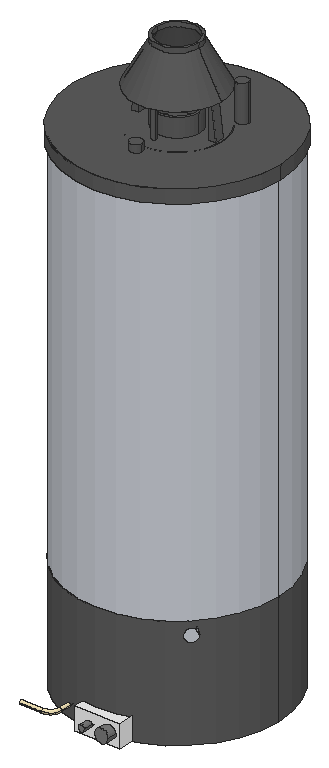
Revit family "Водонагреватель газовый накопительный_Eco WH_FedericaBugatti_R20", category Оборудование, Revit 2020
Family settings
  Размер круглого соединителя = Использовать диаметр
  Классификация = Нет
  Тип детали = Нормальный
  На основе рабочей плоскости = Нет
  Всегда вертикально = Да
  При загрузке вырезать с полостями = Нет
  Общий = Нет
  Точка расчета площади = Да
Parameters (values of type "ECO_WH120")
  СливнойПатрубок_Диаметр2 = 26.8 mm
  СливнойПатрубок_Диаметр = 20 mm
  Патрубки_Диаметр2 = 26.8 mm
  Отметка по умолчанию = 0 mm
  Номинальный_Объем = 115
  Материал_Панель = ADSK_Полимеры_Пластик белый
  Материал_Патрубки = ADSK_Металл_Сталь нержавеющая
  Материал_Штуцер = ADSK_Металл_Латунь
  Материал_Регулятор = ADSK_Полимеры_Пластик черный
  Материал_Корпус2 = ADSK_Металл_Окрашенный_Черный темный
  Корпус_Радиус = Корпус_Диаметр / 2 - 20 mm  # 207.5 mm
  Корпус_Отступ = 20 mm  # constant formula
  Корпус_Диаметр2 = ADSK_Размер_ДиаметрИзделия - 35 mm  # 465 mm
  Корпус_Диаметр = Корпус_Диаметр2 - 10 mm  # 455 mm
  Дымоход_Диаметр2 = Дымоход_Диаметр + 10 mm  # 99 mm
  Дымоход_Диаметр = 89 mm
  Анод_Диаметр2 = 26.8 mm
  ADSK_Расход жидкости [instance] = 0.0 L/s
  ADSK_Размер_ДиаметрИзделия = 500 mm
  ADSK_Размер_Диаметр = 20 mm
  ADSK_Размер_Высота = 1300 mm
  ADSK_Примечание [instance] = ""
  ADSK_Полная мощность = ADSK_Номинальная мощность / ADSK_Коэффициент мощности  # 7500 VA
  ADSK_Позиция [instance] = ""
  ADSK_Обозначение = ""
  ADSK_Номинальная мощность = 7500 W
  ADSK_Напряжение = 230 V  # constant formula
  ADSK_Наименование = "Газовый накопительный водонагреватель ECO WH 120"
  ADSK_Масса_Текст = "52"
  ADSK_Масса = 52
  ADSK_Марка = "ECO WH 120"
  ADSK_Коэффициент мощности = 1  # constant formula
  ADSK_Количество фаз = 1
  ADSK_Количество = 1  # constant formula
  ADSK_Код изделия = ""
  ADSK_Классификация нагрузок = Прочее
  ADSK_Завод-изготовитель = "Federica Bugatti"  # constant formula
  ADSK_Единица измерения = "шт"  # constant formula
Types (4, lengths in mm): name | Патрубки_Диаметр2 | Номинальный_Объем | Корпус_Радиус | Корпус_Диаметр2 | Корпус_Диаметр | Дымоход_Диаметр2 | Дымоход_Диаметр | Анод_Диаметр2 | ADSK_Размер_ДиаметрИзделия | ADSK_Размер_Диаметр | ADSK_Размер_Высота | ADSK_Полная мощность | ADSK_Номинальная мощность | ADSK_Наименование | ADSK_Масса_Текст | ADSK_Масса | ADSK_Марка
  (no name) | 26.8 | 115 | 207.5 | 465 | 455 | 99 | 89 | 26.8 | 500 | 20 | 1300 | 7500 VA | 7500 W | "Газовый накопительный водонагреватель ECO WH 120" | "52" | 52 | "ECO WH 120"
  ECO_WH200 | 26.8 | 195 | 207.5 | 465 | 455 | 99 | 89 | 26.8 | 500 | 20 | 1820 | 10200 VA | 10200 W | "Газовый накопительный водонагреватель ECO WH 200" | "72" | 72 | "ECO WH 200"
  ECO_WH300 | 33.5 | 295 | 282.5 | 615 | 605 | 118 | 108 | 33.5 | 650 | 25 | 1730 | 20100 VA | 20100 W | "Газовый накопительный водонагреватель ECO WH 300" | "122" | 122 | "ECO WH 300"
  ECO_WH120 | 26.8 | 115 | 207.5 | 465 | 455 | 99 | 89 | 26.8 | 500 | 20 | 1300 | 7500 VA | 7500 W | "Газовый накопительный водонагреватель ECO WH 120" | "52" | 52 | "ECO WH 120"
Reference planes
  plane 1 "По центру (Вперед/Назад)": y = 0
  plane 2: z = 0
  plane 3 "По центру (Влево/Вправо)": x = 0
  plane 4: x = -250
  plane 5: x = 250
  plane 6: y = -267.5
  plane 7: z = 1120
  plane 8: z = 1090
  plane 9: z = 1300
  plane 10: z = 1115
  plane 11: z = 50
  plane 12: z = 150
  plane 13: y = 227.5
  plane 14: y = -227.5
  plane 15: z = 650
  plane 16: y = -247.5
  plane 17: z = 1200
  plane 18: y = 247.5
  plane 19: z = 1160
  plane 20: z = 1290
  plane 21: x = -100
  plane 22: x = 100
  plane 23: x = 44.5
  plane 24: x = -44.5
  plane 25: y = 10
  plane 26: y = -10
  plane 27: z = 250
  plane 28: z = 147
  plane 29: z = 223
  plane 30: x = -30
  plane 31: x = -70
  plane 32: x = 70
  plane 33: y = -207.5
  plane 34: z = 25
Forms (mm)
  Extrusion 1, solid, material "ADSK_Металл_Сталь нержавеющая" <- "Материал_Патрубки"
    sketch origin (0, 0, 0) x (1, 0, 0) y (0, 1, 0)
      loop
        circle (0, 0) r 227.5
    from 250 to 1090
  Extrusion 2, solid, material "ADSK_Металл_Окрашенный_Черный темный" <- "Материал_Корпус2"
    sketch origin (0, 0, 0) x (1, 0, 0) y (0, 1, 0)
      loop
        circle (0, 0) r 232.5
    from 1090 to 1120
  Extrusion 3, solid, material "ADSK_Металл_Окрашенный_Черный темный" <- "Материал_Корпус2"
    sketch origin (0, 0, 0) x (1, 0, 0) y (0, 1, 0)
      loop
        circle (0, 0) r 100
    from 1115 to 1120
  Extrusion 4, solid, material "ADSK_Полимеры_Пластик черный" <- "Материал_Регулятор"
    sketch origin (0, 0, 0) x (1, 0, 0) y (0, 0, 1)
      loop
        circle (0, 150) r 1.5
    from -227.5 to -224.5
  Extrusion 5, solid, material "ADSK_Металл_Окрашенный_Черный темный" <- "Материал_Корпус2"
    sketch origin (0, 0, 0) x (1, 0, 0) y (0, 1, 0)
      loop
        circle (-81.3, 81.317) r 13.4
      loop
        circle (81.3, 81.317) r 13.4
      loop
        circle (0, -65) r 5
    from 1090 to 1200
  Extrusion 6, solid, material "ADSK_Металл_Окрашенный_Черный темный" <- "Материал_Корпус2"
    sketch origin (0, 0, 0) x (1, 0, 0) y (0, 1, 0)
      loop
        circle (0, 0) r 49.5
      loop
        circle (0, 0) r 44.5
    from 150 to 1160
  Revolve 7, solid, material "ADSK_Металл_Окрашенный_Черный темный" <- "Материал_Корпус2"
    sketch origin (0, 0, 0) x (1, 0, 0) y (0, 0, 1)
      loop
        line (-44.5, 1300) -> (-49.5, 1300) -> (-49.5, 1290) -> (-100, 1200) -> (-95, 1200) -> (-44.5, 1290) -> (-44.5, 1300)
      axis (0, 1300) -> (0, 1200)
    angle from 0 to 360
  Extrusion 8, solid, material "ADSK_Металл_Окрашенный_Черный темный" <- "Материал_Корпус2"
    sketch origin (0, 0, 0) x (1, 0, 0) y (0, 0, 1)
      loop
        line (-78.653, 1229.132) -> (-81.353, 1224.389) -> (-94.171, 1120) -> (-78.653, 1120) -> (-78.653, 1229.132)
    from -10 to 10
  Extrusion 9, solid, material "ADSK_Металл_Окрашенный_Черный темный" <- "Материал_Корпус2"
    sketch origin (0, 0, 0) x (-1, 0, 0) y (0, 0, -1)
      loop
        line (-78.653, -1229.132) -> (-78.653, -1120) -> (-94.171, -1120) -> (-81.353, -1224.389) -> (-78.653, -1229.132)
    from -10 to 10
  Extrusion 10, solid, material "ADSK_Металл_Окрашенный_Черный темный" <- "Материал_Корпус2"
    sketch origin (0, 0, 0) x (1, 0, 0) y (0, 1, 0)
      loop
        circle (0, -115) r 13.4
    from 1090 to 1135
  Extrusion 11, solid, material "ADSK_Металл_Окрашенный_Черный темный" <- "Материал_Корпус2"
    sketch origin (0, 0, 0) x (1, 0, 0) y (0, 1, 0)
      loop
        circle (0, 0) r 227.5
    from 0 to 250
  Extrusion 12, solid, material "ADSK_Металл_Сталь нержавеющая" <- "Материал_Патрубки"
    sketch origin (0, 0, 0) x (0.707107, 0.707107, 0) y (0, 0, 1)
      loop
        circle (0, 223) r 13.4
    from 207.5 to 232.5
  Extrusion 13, solid, material "ADSK_Полимеры_Пластик белый" <- "Материал_Панель"
    sketch origin (0, 0, 0) x (1, 0, 0) y (0, 0, 1)
      loop
        line (-30, 0) -> (70, 0) -> (70, 50) -> (-30, 50) -> (-30, 0)
    from 207.5 to 247.5
  Extrusion 14, solid, material "ADSK_Полимеры_Пластик черный" <- "Материал_Регулятор"
    sketch origin (0, 0, 0) x (1, 0, 0) y (0, 0, 1)
      loop
        circle (0, 25) r 7
      loop
        circle (45, 25) r 15
    from 227.5 to 267.5
  Sweep 15, solid, material "ADSK_Металл_Латунь" <- "Материал_Штуцер"
    path origin (0, 0, 0) x (1, 0, 0) y (0, 1, 0)
      loop
        line (-70, -207.5) -> (-70, -241.25)
        arc (-70, -241.25) -> (-75.858, -255.392) -> (-90, -261.25) r 20
        line (-90, -261.25) -> (-140, -261.25)
    profile origin (-70, -224.375, 0) x (1, 0, 0) y (0, 0, 1)
      loop
        circle (0, 25) r 4
Lines and regions (mm)
  reference lines
    curve 1: line (0, 0, 0) -> (146.725, -146.725, 0)
Dimensions and locks
  equal spacing: plane 4, plane 3 "По центру (Влево/Вправо)", plane 5
  "ADSK_Размер_ДиаметрИзделия": plane 4 to plane 5
  locked: plane 7 to plane 8 at 30
  locked: plane 9 to plane 7 at 180
  locked: plane 7 to plane 10 at 5
  "ADSK_Размер_Высота": plane 9 to plane 2
  "Корпус_Диаметр": plane 13 to plane 14
  equal spacing: plane 13, plane 1 "По центру (Вперед/Назад)", plane 14
  equal spacing: plane 9, plane 15, plane 2
  locked: plane 14 to plane 16 at 20
  plane 6 to plane 1 "По центру (Вперед/Назад)" = 267.5 mm
  locked: plane 9 to plane 17 at 100
  locked: Extrusion 5 sketch curve to plane 1 "По центру (Вперед/Назад)" at 65
  locked: plane 13 to Extrusion 4 at 3
  equal spacing: plane 18, plane 1 "По центру (Вперед/Назад)", plane 16
  "Корпус_Отступ": plane 6 to plane 16
  equal spacing: plane 17, plane 19, plane 7
  locked: plane 9 to plane 20 at 10
  equal spacing: plane 22, plane 3 "По центру (Влево/Вправо)", plane 21
  locked: plane 21 to plane 22 at 200
  equal spacing: plane 24, plane 3 "По центру (Влево/Вправо)", plane 23
  "Дымоход_Диаметр": plane 23 to plane 24
  locked: plane 1 "По центру (Вперед/Назад)" to Extrusion 5 sketch curve at 81.317  (x2)
  locked: Revolve 7 sketch curve to Revolve 7 sketch curve at 5
  plane 25 to plane 1 "По центру (Вперед/Назад)" to plane 26 = 10 mm locked, 10 mm locked
  locked: plane 3 "По центру (Влево/Вправо)" to Extrusion 5 sketch curve at 81.3
  locked: Extrusion 5 sketch curve to plane 3 "По центру (Влево/Вправо)" at 81.3
  locked: Extrusion 10 sketch curve to plane 1 "По центру (Вперед/Назад)" at 115
  locked: Extrusion 10 to plane 7 at 15
  locked: plane 27 to plane 2 at 250
  locked: plane 28 to plane 2 at 147
  locked: plane 29 to plane 28 at 76
  locked: plane 12 to plane 2 at 150
  locked: plane 31 to plane 30 at 40
  locked: plane 3 "По центру (Влево/Вправо)" to plane 30 at 30
  locked: plane 32 to plane 30 at 100
  locked: plane 11 to plane 2 at 50
  locked: plane 33 to plane 14 at 20
  Extrusion 14 sketch curve to plane 32 = 25 mm
  equal spacing: plane 11, plane 34, plane 2
  "Корпус_Радиус": curve 1 to curve 1
  locked: Extrusion 12 to Extrusion 12 at 25
  locked: Sweep 15 sketch curve to Sweep 15 sketch curve at 50
  "Корпус_Диаметр": diameter of Extrusion 1 sketch curve
  "Корпус_Диаметр2": diameter of Extrusion 2 sketch curve
  diameter of Extrusion 3 sketch curve = 200 mm
  diameter of Extrusion 4 sketch curve = 3 mm
  "Патрубки_Диаметр2": diameter of Extrusion 5 sketch curve  (x2)
  diameter of Extrusion 5 sketch curve = 10 mm
  "Дымоход_Диаметр2": diameter of Extrusion 6 sketch curve
  "Дымоход_Диаметр": diameter of Extrusion 6 sketch curve
  "Анод_Диаметр2": diameter of Extrusion 10 sketch curve
  "Корпус_Диаметр": diameter of Extrusion 11 sketch curve
  "СливнойПатрубок_Диаметр2": diameter of Extrusion 12 sketch curve
  locked: curve 1 to plane 1 "По центру (Вперед/Назад)" (angle 45.00°)
  aligned and locked: level to plane 2
  aligned and locked: plane 1 "По центру (Вперед/Назад)" to Extrusion 1 sketch curve
  aligned and locked: plane 3 "По центру (Влево/Вправо)" to Extrusion 1 sketch curve
  aligned and locked: plane 1 "По центру (Вперед/Назад)" to Extrusion 2 sketch curve
  aligned and locked: plane 3 "По центру (Влево/Вправо)" to Extrusion 2 sketch curve
  aligned and locked: Extrusion 1 to plane 8
  aligned and locked: plane 7 to Extrusion 2
  aligned and locked: plane 8 to Extrusion 2
  aligned and locked: plane 1 "По центру (Вперед/Назад)" to Extrusion 3 sketch curve
  aligned and locked: plane 3 "По центру (Влево/Вправо)" to Extrusion 3 sketch curve
  aligned and locked: plane 7 to Extrusion 3
  aligned and locked: plane 10 to Extrusion 3
  aligned and locked: plane 12 to Extrusion 4 sketch curve
  aligned and locked: plane 3 "По центру (Влево/Вправо)" to Extrusion 4 sketch curve
  aligned and locked: Extrusion 4 to plane 13  (x2)
  aligned and locked: Extrusion 5 to plane 17
  aligned and locked: Extrusion 5 to Extrusion 1
  aligned and locked: plane 3 "По центру (Влево/Вправо)" to Extrusion 5 sketch curve
  aligned and locked: plane 1 "По центру (Вперед/Назад)" to Extrusion 6 sketch curve  (x2)
  aligned and locked: plane 3 "По центру (Влево/Вправо)" to Extrusion 6 sketch curve  (x2)
  aligned and locked: Extrusion 6 to plane 12
  aligned and locked: plane 19 to Extrusion 6
  aligned and locked: plane 24 to Revolve 7 sketch curve  (x2)
  aligned and locked: plane 9 to Revolve 7 sketch curve
  aligned and locked: plane 20 to Revolve 7 sketch curve  (x2)
  aligned and locked: plane 17 to Revolve 7 sketch curve
  aligned and locked: plane 21 to Revolve 7 sketch curve
  aligned and locked: Revolve 7 sketch curve to plane 3 "По центру (Влево/Вправо)"
  aligned and locked: Extrusion 8 to plane 25
  aligned and locked: Extrusion 9 to plane 25
  aligned and locked: Extrusion 8 to plane 26
  aligned and locked: Extrusion 9 to plane 26
  aligned and locked: plane 3 "По центру (Влево/Вправо)" to Extrusion 10 sketch curve
  aligned and locked: plane 8 to Extrusion 10
  aligned and locked: plane 27 to Extrusion 1
  aligned and locked: plane 1 "По центру (Вперед/Назад)" to Extrusion 11 sketch curve
  aligned and locked: plane 3 "По центру (Влево/Вправо)" to Extrusion 11 sketch curve
  aligned and locked: Extrusion 11 to plane 2
  aligned and locked: Extrusion 11 to plane 27
  aligned and locked: plane 27 to Extrusion 11
  aligned and locked: Extrusion 13 sketch curve to plane 2
  aligned and locked: Extrusion 13 sketch curve to plane 30
  aligned and locked: Extrusion 13 sketch curve to plane 11
  aligned and locked: Extrusion 13 sketch curve to plane 32
  aligned and locked: plane 33 to Extrusion 13
  aligned and locked: plane 3 "По центру (Влево/Вправо)" to Extrusion 14 sketch curve
  aligned and locked: plane 6 to Extrusion 14
  aligned and locked: plane 14 to Extrusion 14
  aligned and locked: plane 33 to Sweep 15 sketch curve
  aligned and locked: plane 34 to Extrusion 14 sketch curve  (x2)
  aligned and locked: plane 34 to Sweep 15
  aligned and locked: plane 1 "По центру (Вперед/Назад)" to curve 1
  aligned and locked: plane 3 "По центру (Влево/Вправо)" to curve 1
  aligned and locked: plane 29 to Extrusion 12 sketch curve
  aligned and locked: Extrusion 12 to curve 1
  aligned and locked: plane 16 to Extrusion 13
Automatic sketch dimensions
  Revolve 7 sketch curve to Revolve 7 sketch curve = 5 mm
  plane 8 to Revolve 7 sketch curve = 15 mm
  plane 9 to Revolve 7 sketch curve = 70 mm
  Extrusion 8 sketch curve to plane 7 = 0 mm
  plane 21 to Extrusion 8 sketch curve = 5.829 mm
  plane 21 to Extrusion 8 sketch curve = 18.647 mm
  Extrusion 8 sketch curve to Extrusion 8 sketch curve = 15.518 mm
  Extrusion 8 sketch curve to plane 17 = 24.389 mm
  Extrusion 8 sketch curve to Extrusion 8 sketch curve = 4.744 mm
  Extrusion 9 sketch curve to plane 7 = 0 mm
  Extrusion 9 sketch curve to plane 22 = 5.829 mm
  Extrusion 9 sketch curve to plane 22 = 18.647 mm
  Extrusion 9 sketch curve to Extrusion 9 sketch curve = 15.518 mm
  plane 17 to Extrusion 9 sketch curve = 24.389 mm
  Extrusion 9 sketch curve to Extrusion 9 sketch curve = 4.744 mm
  profile plane to Sweep 15 sketch curve = 0 mm
  level to Sweep 15 sketch curve = 25 mm
  Sweep 15 sketch curve to plane 14 = 13.75 mm
  plane 16 to Sweep 15 sketch curve = 13.75 mm
  Sweep 15 sketch curve to plane 31 = 0 mm
  radius of Extrusion 14 sketch curve = 7 mm
  radius of Extrusion 14 sketch curve = 15 mm
  radius of Sweep 15 sketch curve = 4 mm
Connectors
  electrical at (0, 227.5, 150), driven by "ADSK_Количество фаз", driven by "ADSK_Классификация нагрузок", driven by "ADSK_Напряжение", driven by "ADSK_Полная мощность", driven by "ADSK_Коэффициент мощности"
    settings: on Extrusion 4, index 1, voltage 230 V, apparent load 7500 VA, apparent load phase1 0 VA, apparent load phase2 0 VA, apparent load phase3 0 VA, power factor 1, load classification "Прочее", number of poles 1, system type 30, power factor state 1, is connector primary yes, connector utility no, sub classification motor no, connector description ""
  piping at (81.3, 81.317, 1200), diameter 20, driven by "ADSK_Размер_Диаметр", driven by "ADSK_Расход жидкости"
    settings: on Extrusion 5, index 7, connector inside diameter 609.6 mm, connector length 0 mm, flow factor 0, pipe flow 0.0 L/s, pressure drop 0.0 Pa, fitting loss kfactor 0, connector angle 0.00°, fixture units 0, engagement length 0 mm, angle of deflection 0.00°, flow configuration 0, flow direction 2, fitting loss method 0, system type 19, joint type 0, gender type 0, connector reference index 8, connector utility 0, adjustable connector no, is connector primary no, connector description "Выход ГВС"
  piping at (-81.3, 81.317, 1200), diameter 20, driven by "ADSK_Размер_Диаметр", driven by "ADSK_Расход жидкости"
    settings: on Extrusion 5, index 8, connector inside diameter 609.6 mm, connector length 0 mm, flow factor 0, pipe flow 0.0 L/s, pressure drop 0.0 Pa, fitting loss kfactor 0, connector angle 0.00°, fixture units 0, engagement length 0 mm, angle of deflection 0.00°, flow configuration 0, flow direction 1, fitting loss method 0, system type 20, joint type 0, gender type 0, connector reference index 7, connector utility 0, adjustable connector no, is connector primary yes, connector description "Вход ХВС"
  piping at (0, 0, 1160), diameter 89, driven by "Дымоход_Диаметр"
    settings: on Extrusion 6, index 11, connector inside diameter 609.6 mm, connector length 0 mm, flow factor 0, pipe flow 0.0 L/s, pressure drop 0.0 Pa, fitting loss kfactor 0, connector angle 0.00°, fixture units 0, engagement length 0 mm, angle of deflection 0.00°, flow configuration 0, flow direction 2, fitting loss method 0, system type 22, joint type 0, gender type 0, connector reference index -1, connector utility 0, adjustable connector no, is connector primary no, connector description "Дымоход"
  piping at (164.402, -164.402, 223), diameter 20, driven by "СливнойПатрубок_Диаметр"
    settings: on Extrusion 12, index 12, connector inside diameter 609.6 mm, connector length 0 mm, flow factor 0, pipe flow 0.0 L/s, pressure drop 0.0 Pa, fitting loss kfactor 0, connector angle 0.00°, fixture units 0, engagement length 0 mm, angle of deflection 0.00°, flow configuration 0, flow direction 2, fitting loss method 0, system type 16, joint type 0, gender type 0, connector reference index -1, connector utility 0, adjustable connector no, is connector primary no, connector description "Патрубок крана сброса воды"
